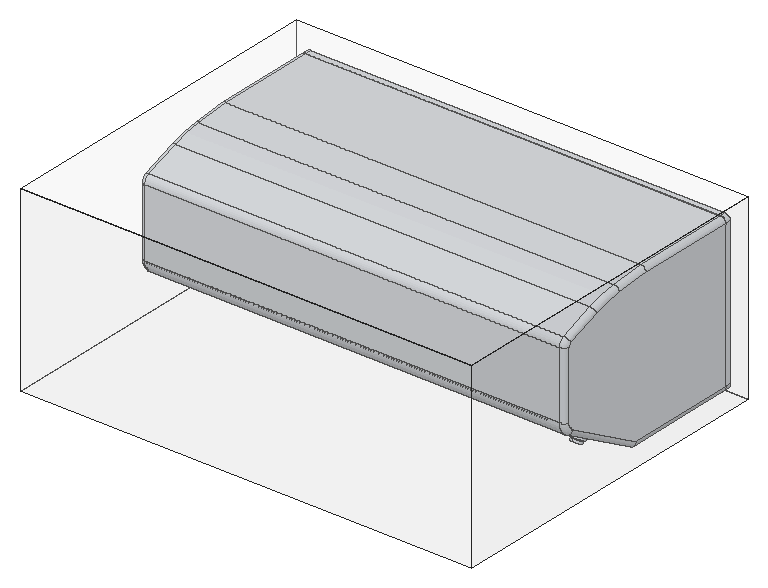
Revit family "msz-hxv2580_24_50hz", category 機械設備, Revit 2019
Family settings
  丸型コネクタ寸法 = 直径を使用
  種別 = なし
  パーツ タイプ = 標準
  OmniClass 番号 = 23.75.10.24.21.27.27
  OmniClass タイトル = Split System Air Conditioning Units
  作業面ベース = いいえ
  常に垂直 = はい
  ロード時にボイドで切り取り = いいえ
  共有 = いいえ
  部屋計算ポイント = はい
Parameters (values of type "壁掛_MSZ-HXV8024S-W-IN")
  運転音(静冷房)  db = 44
  運転音(静暖房)  db = 47
  運転音(強暖房)  db = 72
  運転音(強冷房)  db = 72
  運転音(弱暖房)  db = 52
  運転音(弱冷房)  db = 52
  運転音(中暖房)  db = 57
  運転音(中冷房)  db = 57
  風量 = MAX風量  # 1045 m³/h
  音響パワーレベル(dB) = 72
  音響パワーレベル (弱) (dB) = 44
  電源種別 = ""
  電圧_電気ヒーター = 0 V
  電圧 = 200 V
  電動機出力_送風機 = 46 W
  運転質量 = 0.00 kg
  運転方法 = "冷暖切替"
  連動 = ""
  質量 = if(製品質量 > 運転質量, 製品質量, 運転質量) * 1.2  # 22.80 kg
  負荷分類 = 1_熱源類
  設計暖房能力 [instance] = 0 kW
  設計冷房能力_顕熱 [instance] = 0 kW
  設計冷房能力 [instance] = 0 kW
  設置方法 = "壁掛形"
  記号 [instance] = ""
  製造元 = "三菱電機株式会社"
  製品質量 = 19.00 kg
  製品出荷対象 = "国内"
  製品リリース年月 = ""
  製品グループ = ""
  系統 [instance] = ""
  符号 = "PAC"
  積算_科目 = "1 空気調和設備"
  積算_拾い区分 [instance] = ""
  相_電気ヒーター = 1
  相 = 1
  盤記号 [instance] = ""
  発停方法 = "付属スイッチ"
  特殊仕様 [instance] = ""
  火災停止 = ""
  消費電力_電気ヒーター = 0 W
  消費電力_暖房 = 2680 W
  消費電力_冷房 = 2920 W
  消費電力 = if(消費電力_冷房 > 消費電力_暖房, 消費電力_冷房, 消費電力_暖房)  # 2920 W
  法定耐用年数 = "6"
  極数 = 1
  材質 [instance] = ""
  本体マテリアル = none
  有効加湿量 = 0
  最大電流値 = 0 A
  暖房能力 = 9.5 kW
  暖房 風量 = 1045 m³/h
  推奨ブレーカー容量 = 20 A
  台数_冷媒分岐ユニット [instance] = ""
  冷房 風量 = 960 m³/h
  冷媒管長 [instance] = 0 mm
  価格 = 0
  形式_加湿器 = ""
  形式 = "壁掛 (露出)形"
  幹線記号 = ""
  室内機 = 室内機 : MSZ-ZXV2223-W-IN
  始動方式 = "直入"
  呼称 = "パッケージ形空気調和機_室内機"
  周波数 = 50 Hz
  台数_手元リモコン = ""
  参照している仕様書等のバージョン = "公共建築工事標準仕様書（機械設備工事編）平成31年度版"
  加湿給水管径 = 0 mm
  分類コード = "5.0053E+13"
  分類グループ = ""
  冷房能力 = 8 kW
  冷媒高低圧ガス管径 = 0 mm
  冷媒管径符号 = "Ac"
  冷媒管径 = 100 mm
  冷媒液管径 = 6.35 mm
  冷媒ガス管径 = 12.7 mm
  企業コード = "108420"
  付属品 [instance] = ""
  仕様書バージョン = "Version1.0"
  モデル = "MSZ-HXV80**S-*-IN"
  ドレン管径 = 16 mm
  サービススペース = yes
  コメント [instance] = ""
  Width = 799 mm
  Version = ""
  Uniclass2015Version = "Systems v1.9"
  Uniclass2015Title = "Split coil remote air cooled condensing units"
  Uniclass2015Code = "Pr_70_65_03_84"
  URL = "https://www.mitsubishielectric.co.jp/ldg/wink/"
  S寸法 = 0 mm
  SpecificationReference = ""
  SpecificationDescription = ""
  Revision = ""
  ProductInformation = ""
  OmniClassCode = "23-33 17 13 11"
  MAX風量 = if(冷房 風量 > 暖房 風量, 冷房 風量, 暖房 風量)  # 1045 m³/h
  IfcTypeProduct = ""
  IfcProduct = ""
  IfcExportType = "AIRCONDITIONINGUNIT"
  IfcExportAs = "IfcUnitaryEquipmentType"
  Height = 295 mm
  Depth = 389 mm
  Clearance Top = 39 mm
  Clearance Right = 30 mm
  Clearance Left = 20 mm
  Clearance Front = 256 mm
  Clearance Bottom = 7 mm
  Clearance Back = 0 mm
  COP = 0
  Author = "三菱電機株式会社"
  APF = 0
Types (7, lengths in mm): name | 運転音(静冷房)  db | 運転音(静暖房)  db | 運転音(強暖房)  db | 運転音(強冷房)  db | 運転音(弱暖房)  db | 運転音(弱冷房)  db | 運転音(中暖房)  db | 運転音(中冷房)  db | 風量 | 音響パワーレベル(dB) | 音響パワーレベル (弱) (dB) | 電圧 | 電動機出力_送風機 | 質量 | 製品質量 | 消費電力_暖房 | 消費電力_冷房 | 消費電力 | 暖房能力 | 暖房 風量 | 推奨ブレーカー容量 | 冷房 風量 | 冷房能力 | 冷媒管径符号 | 冷媒ガス管径 | モデル | MAX風量
  壁掛_MSZ-HXV2524-W-IN | 34 | 39 | 62 | 61 | 45 | 46 | 50 | 51 | 780 m³/h | 61 | 34 | 100 V | 28 W | 21.60 kg | 18.00 kg | 590 W | 500 W | 590 W | 3.2 kW | 780 m³/h | 20 A | 665 m³/h | 2.5 kW | "Ab" | 9.52 | "MSZ-HXV25**-*-IN" | 780 m³/h
  壁掛_MSZ-HXV2824S-W-IN | 34 | 39 | 66 | 63 | 46 | 48 | 52 | 53 | 810 m³/h | 63 | 34 | 200 V | 40 W | 21.60 kg | 18.00 kg | 770 W | 580 W | 770 W | 4 kW | 810 m³/h | 15 A | 665 m³/h | 2.8 kW | "Ab" | 9.52 | "MSZ-HXV28**S-*-IN" | 810 m³/h
  壁掛_MSZ-HXV4024S-W-IN | 40 | 44 | 69 | 67 | 50 | 50 | 55 | 55 | 930 m³/h | 67 | 40 | 200 V | 40 W | 22.80 kg | 19.00 kg | 1430 W | 960 W | 1430 W | 6 kW | 930 m³/h | 20 A | 730 m³/h | 4 kW | "Ab" | 9.52 | "MSZ-HXV40**S-*-IN" | 930 m³/h
  壁掛_MSZ-HXV5624S-W-IN | 44 | 46 | 71 | 68 | 51 | 51 | 56 | 56 | 940 m³/h | 68 | 44 | 200 V | 40 W | 22.80 kg | 19.00 kg | 1700 W | 1720 W | 1720 W | 6.7 kW | 940 m³/h | 20 A | 805 m³/h | 5.6 kW | "Ab" | 9.52 | "MSZ-HXV56**S-*-IN" | 940 m³/h
  壁掛_MSZ-HXV6324S-W-IN | 44 | 47 | 71 | 69 | 52 | 52 | 57 | 57 | 960 m³/h | 69 | 44 | 200 V | 40 W | 22.80 kg | 19.00 kg | 1900 W | 2200 W | 2200 W | 7.1 kW | 960 m³/h | 20 A | 860 m³/h | 6.3 kW | "Ac" | 12.7 | "MSZ-HXV63**S-*-IN" | 960 m³/h
  壁掛_MSZ-HXV7124S-W-IN | 44 | 47 | 72 | 70 | 52 | 52 | 57 | 57 | 1045 m³/h | 70 | 44 | 200 V | 40 W | 22.80 kg | 19.00 kg | 2350 W | 2500 W | 2500 W | 8.5 kW | 1045 m³/h | 20 A | 960 m³/h | 7.1 kW | "Ac" | 12.7 | "MSZ-HXV71**S-*-IN" | 1045 m³/h
  壁掛_MSZ-HXV8024S-W-IN | 44 | 47 | 72 | 72 | 52 | 52 | 57 | 57 | 1045 m³/h | 72 | 44 | 200 V | 46 W | 22.80 kg | 19.00 kg | 2680 W | 2920 W | 2920 W | 9.5 kW | 1045 m³/h | 20 A | 960 m³/h | 8 kW | "Ac" | 12.7 | "MSZ-HXV80**S-*-IN" | 1045 m³/h
Reference planes
  plane 1 "中心(正面/背面)": y = 0
  plane 2: z = 0
  plane 3 "中心(左/右)": x = 0
  plane 4: y = -650
  plane 5: x = -399.5
  plane 6: x = 399.5
  plane 7: x = 429.5
  plane 8: z = 0
  plane 9: z = 39
  plane 10: x = -419.5
  plane 11: z = -253
  plane 12: x = -352.5
  plane 13: z = -302
  plane 14: y = -199.5
  plane 15: y = -394
  plane 16: y = -5
  plane 17: x = 352.5
  plane 18: z = -254
  plane 19: z = -295
  plane 20: y = 0
  plane 21: z = -284
  plane 22: z = -273
  plane 23: z = -385
Forms (mm)
  Extrusion 1, solid, detail levels fine
    sketch origin (-695, 194.999, 0) x (1, 0, 0) y (0, 0, 1)
      loop
        circle (342.5, -253) r 10
    from 199.999 to 217.5
  Extrusion 2, solid, detail levels fine
    sketch origin (-695, 210.625, -30) x (1, 0, 0) y (0, 0, 1)
      loop
        circle (342.5, -243) r 5
    from 215.625 to 220.625
Lines and regions (mm)
  Masking region 1, detail levels coarse+medium
    outline origin (0, 0, 0) x (1, 0, 0) y (0, 1, 0)
      loop
        line (399.5, 0) -> (-399.5, 0) -> (-399.5, -394) -> (399.5, -394) -> (399.5, 0)
Dimensions and locks
  equal spacing: plane 5, plane 3 "中心(左/右)", plane 6
  "Clearance Right": plane 6 to plane 7
  "Clearance Top": plane 9 to plane 8
  "Width": plane 5 to plane 6
  "Clearance Left": plane 10 to plane 5
  locked: plane 5 to plane 12 at 47
  equal spacing: plane 15, plane 14, plane 16
  "Depth": plane 15 to plane 16
  "Clearance Front": plane 4 to plane 15
  nested 1 to plane 15 = 389 mm
  locked: plane 6 to plane 17 at 47
  "Clearance Bottom": plane 19 to plane 13
  "Height": plane 8 to plane 19
  locked: plane 19 to plane 11 at 42
  locked: plane 19 to plane 18 at 41
  "Clearance Back": plane 1 "中心(正面/背面)" to plane 20
  locked: plane 21 to plane 18 at 30
  locked: plane 22 to plane 11 at 20
  plane 16 to plane 20 = 5 mm
  plane 4 to plane 20 = 650 mm
  plane 20 to plane 16 = 5 mm
  aligned and locked: plane 2 to level
  aligned and locked: plane 8 to nested 1  (x2)
  aligned and locked: nested 1 to plane 19  (x2)
  aligned and locked: level to plane 8
  aligned and locked: plane 9 to nested 2
  aligned and locked: plane 13 to nested 2
  aligned and locked: Masking region 1 sketch curve to plane 5
  aligned and locked: plane 15 to Masking region 1 sketch curve
  aligned and locked: Masking region 1 sketch curve to plane 20
  aligned and locked: plane 6 to Masking region 1 sketch curve
  aligned and locked: plane 16 to nested 1
  aligned and locked: plane 1 "中心(正面/背面)" to nested 2
  aligned and locked: plane 10 to nested 2
  aligned and locked: plane 7 to nested 2
  aligned and locked: plane 4 to nested 2
  aligned and locked: nested 1 to Extrusion 1
  aligned and locked: nested 1 to Extrusion 2
Automatic sketch dimensions
  Extrusion 1 sketch curve to plane 11 = 0 mm
  plane 12 to Extrusion 1 sketch curve = 0 mm
  plane 12 to Extrusion 2 sketch curve = 0 mm
  Extrusion 2 sketch curve to plane 22 = 0 mm
  radius of Extrusion 1 sketch curve = 10 mm
  radius of Extrusion 2 sketch curve = 5 mm
Nested families
  nested 1: "室内機" at (0, 0, -295), type <- "室内機", type "MSZ-ZXV2223-W-IN", detail levels fine
  nested 2: "サービススペース" at (5, -325, -131.5), visible <- "サービススペース", type "サービススペース"
    with Width 849 mm, Height 341 mm, Depth 650 mm
Connectors
  piping at (-352.5, -5, -253), diameter 100, driven by "冷媒管径", driven by "冷媒管径符号"
    settings: on Extrusion 1, index 7, connector inside diameter 609.6 mm, connector length 0 mm, flow factor 0, pipe flow 0.0 L/s, pressure drop 0.0 Pa, fitting loss kfactor 0, connector angle 0.00°, fixture units 0, engagement length 0 mm, angle of deflection 0.00°, flow configuration 1, flow direction 1, fitting loss method 4, system type 7, joint type 0, gender type 0, connector reference index -1, connector utility 0, adjustable connector no, is connector primary yes, connector description "Ac"
  piping at (-352.5, -5, -273), diameter 16, driven by "ドレン管径"
    settings: on Extrusion 2, index 8, connector inside diameter 609.6 mm, connector length 0 mm, flow factor 0, pipe flow 0.0 L/s, pressure drop 0.0 Pa, fitting loss kfactor 0, connector angle 0.00°, fixture units 0, engagement length 0 mm, angle of deflection 0.00°, flow configuration 1, flow direction 2, fitting loss method 4, system type 16, joint type 0, gender type 0, connector reference index -1, connector utility 0, adjustable connector no, is connector primary no, connector description ""
  electrical at (0, -5, -147.5), driven by "負荷分類", driven by "電圧", driven by "消費電力"
    settings: on nested 1, index 10, voltage 200 V, apparent load 2920 VA, apparent load phase1 0 VA, apparent load phase2 0 VA, apparent load phase3 0 VA, power factor 1, load classification "1_熱源類", number of poles 1, system type 30, power factor state 1, is connector primary yes, connector utility no, sub classification motor no, connector description ""
Definition of nested family "室内機"
  Parameters (values of type "MSZ-ZXV9023S-W-IN")
    Width = 799 mm
    Height = 295 mm
    Depth = 394 mm
  Types (12): name
    MSZ-ZXV9023S-W-IN
    MSZ-ZXV8023S-W-IN
    MSZ-ZXV7123S-W-IN
    MSZ-ZXV6323S-W-IN
    MSZ-ZXV5623S-W-IN
    MSZ-ZXV4023S-W-IN
    MSZ-ZXV3623S-W-IN
    MSZ-ZXV3623-W-IN
    MSZ-ZXV2823S-W-IN
    MSZ-ZXV2823-W-IN
    MSZ-ZXV2523-W-IN
    MSZ-ZXV2223-W-IN
  Reference planes
    plane 1 "中心(正面/背面)": y = 0
    plane 2: z = 0
    plane 3 "中心(左/右)": x = 0
    plane 4: y = -5
    plane 5: x = 399.5
    plane 6: x = -399.5
    plane 7: y = -394
    plane 8: z = 295
    plane 9: x = 379.5
    plane 10: y = -385
    plane 11: y = -394
    plane 12: z = 42
    plane 13: z = 295
    plane 14: z = 273
    plane 15: x = 352
    plane 16: x = -352
    plane 17: x = 399
    plane 18: x = 335
    plane 19: z = 253
    plane 20: x = 225
    plane 21: x = -225
    plane 22: x = 280
    plane 23: x = 155
    plane 24: z = 263
    plane 25: z = 243
  Forms (mm)
    Extrusion 1, solid
      sketch origin (0, 4, 0) x (0, 1, 0) y (0, 0, 1)
        loop
          line (-20, 284.987) -> (-212.516, 284.987) -> (-267.726, 279.494)
          arc (-267.726, 279.494) -> (-294.837, 275.073) -> (-321.185, 267.308) r 219.987
          line (-321.185, 267.308) -> (-384.718, 244.184)
          arc (-384.718, 244.184) -> (-387.098, 242.358) -> (-388, 239.497) r 4.987
          line (-388, 239.497) -> (-388, 112.321)
          arc (-388, 112.321) -> (-385.322, 102.327) -> (-378.006, 95.011) r 19.987
          line (-378.006, 95.011) -> (-230.785, 10.013) -> (-20, 10.013) -> (-20, 284.987)
      from -399.5 to 399.5
    Sweep 2, solid
      path origin (390, 4, 0) x (0, 1, 0) y (0, 0, 1)
        loop
          line (-20, 295) -> (-208.013, 295) -> (-270.599, 288.772)
          arc (-270.599, 288.772) -> (-298.943, 284.15) -> (-326.49, 276.032) r 230
          line (-326.49, 276.032) -> (-388.143, 253.592)
          arc (-388.143, 253.592) -> (-395.3, 248.101) -> (-398.013, 239.497) r 15
          line (-398.013, 239.497) -> (-398.013, 112.321)
          arc (-398.013, 112.321) -> (-393.993, 97.321) -> (-383.013, 86.34) r 30
          line (-383.013, 86.34) -> (-233.468, 0) -> (-20, 0)
      profile origin (390, -110.006, 295) x (0, 0, -1) y (1, 0, 0)
        loop
          arc (10.013, 9.5) -> (3.113, 6.75) -> (0.013, 0) r 10
          line (0.013, 0) -> (0.013, -780)
          arc (0.013, -780) -> (3.113, -786.75) -> (10.013, -789.5) r 10
          line (10.013, -789.5) -> (10.013, 9.5)
    Extrusion 3, solid
      sketch origin (0, 0, 0) x (1, 0, 0) y (0, 0, 1)
        loop
          line (-399.5, 285) -> (-399.5, 10)
          arc (-399.5, 10) -> (-396.746, 3.108) -> (-390, 0.013) r 10
          line (-390, 0.013) -> (390, 0.013)
          arc (390, 0.013) -> (396.746, 3.108) -> (399.5, 10) r 10
          line (399.5, 10) -> (399.5, 285)
          arc (399.5, 285) -> (396.746, 291.892) -> (390, 294.987) r 10
          line (390, 294.987) -> (-390, 294.987)
          arc (-390, 294.987) -> (-396.746, 291.892) -> (-399.5, 285) r 10
      from 16 to 5
    Revolve 4, solid
      sketch origin (367, -58.632, -153.367) x (0, 0.866025, -0.5) y (0, 0.5, 0.866025)
        loop
          line (-330.479, 56.396) -> (-330.479, 42.304) -> (-323.593, 42.304) -> (-323.593, 35.722) -> (-320.593, 35.722) -> (-320.593, 40.304)
          arc (-320.593, 40.304) -> (-320.007, 41.718) -> (-318.593, 42.304) r 2
          line (-318.593, 42.304) -> (-317.593, 42.304) -> (-317.593, 56.396) -> (-330.479, 56.396)
        axis (-330.479, 35.722) -> (-330.479, 56.396)
      angle from 0 to 360
    Extrusion 5, void
      sketch origin (0, -129.013, 230.692) x (1, 0, 0) y (0, -0.866025, 0.5)
        loop
          line (-383, 2) -> (-8.5, 2) -> (-8.5, 52) -> (-383, 52) -> (-383, 2)
        loop
          line (-385, 54) -> (-385, 0) -> (385, 0) -> (385, 54) -> (-385, 54)
        loop
          line (383, 2) -> (383, 52) -> (-6.5, 52) -> (-6.5, 2) -> (383, 2)
      from 250 to 244.836
    Extrusion 6, solid
      sketch origin (0, 0, 0) x (1, 0, 0) y (0, 0, 1)
        loop
          line (-285, 0) -> (285, 0) -> (285, 70)
          arc (285, 70) -> (292.322, 87.678) -> (310, 95) r 25
          arc (310, 95) -> (327.678, 102.322) -> (335, 120) r 25
          line (335, 120) -> (335, 273) -> (295, 273) -> (295, 278)
          arc (295, 278) -> (293.536, 281.536) -> (290, 283) r 5
          line (290, 283) -> (270, 283)
          arc (270, 283) -> (266.464, 281.536) -> (265, 278) r 5
          line (265, 278) -> (265, 273) -> (119.535, 273) -> (70.033, 253) -> (24.949, 253) -> (10, 290) -> (0, 290) -> (-10, 290) -> (-24.949, 253) -> (-105.033, 253) -> (-154.535, 273) -> (-265, 273) -> (-265, 278)
          arc (-265, 278) -> (-266.464, 281.536) -> (-270, 283) r 5
          line (-270, 283) -> (-290, 283)
          arc (-290, 283) -> (-293.536, 281.536) -> (-295, 278) r 5
          line (-295, 278) -> (-295, 273) -> (-335, 273) -> (-335, 120)
          arc (-335, 120) -> (-327.678, 102.322) -> (-310, 95) r 25
          arc (-310, 95) -> (-292.322, 87.678) -> (-285, 70) r 25
          line (-285, 70) -> (-285, 0)
        loop
          line (230.5, 248.5) -> (230.5, 257.5)
          arc (230.5, 257.5) -> (225, 263) -> (219.5, 257.5) r 5.5
          line (219.5, 257.5) -> (219.5, 248.5)
          arc (219.5, 248.5) -> (225, 243) -> (230.5, 248.5) r 5.5
        loop
          arc (-220.5, 247.5) -> (-215, 253) -> (-220.5, 258.5) r 5.5
          line (-220.5, 258.5) -> (-229.5, 258.5)
          arc (-229.5, 258.5) -> (-235, 253) -> (-229.5, 247.5) r 5.5
          line (-229.5, 247.5) -> (-220.5, 247.5)
        loop
          line (-105, 10) -> (105, 10)
          arc (105, 10) -> (155, 60) -> (105, 110) r 50
          line (105, 110) -> (-105, 110)
          arc (-105, 110) -> (-155, 60) -> (-105, 10) r 50
        loop
          line (305, 243) -> (255, 243) -> (255, 188) -> (261.875, 188)
          arc (261.875, 188) -> (265.887, 200.215) -> (267.245, 213) r 60.879
          line (267.245, 213) -> (292.755, 213)
          arc (292.755, 213) -> (294.113, 200.215) -> (298.125, 188) r 60.879
          line (298.125, 188) -> (305, 188) -> (305, 243)
        loop
          line (-305, 243) -> (-305, 188) -> (-298.125, 188)
          arc (-298.125, 188) -> (-294.113, 200.215) -> (-292.755, 213) r 60.879
          line (-292.755, 213) -> (-267.245, 213)
          arc (-267.245, 213) -> (-265.887, 200.215) -> (-261.875, 188) r 60.879
          line (-261.875, 188) -> (-255, 188) -> (-255, 243) -> (-305, 243)
      from 0 to 5
  Cuts and joins
    Extrusion 5 cuts Extrusion 1
    Extrusion 5 cuts Sweep 2
    joined: Sweep 2, Revolve 4
    Extrusion 5 cuts Extrusion 3
  Lines and regions (mm)
    model lines
      curve 1: line (-349.5, -121, 294.987) -> (-349.5, -181, 294.987)
      curve 2: line (-349.5, -189.013, 294.987) -> (349.5, -189.013, 294.987)
      curve 3: line (-349.5, -131, 294.987) -> (349.5, -131, 294.987)
      curve 4: line (349.5, -121, 294.987) -> (349.5, -181, 294.987)
      curve 5: line (-249.643, -121, 294.987) -> (-249.643, -181, 294.987)
      curve 6: line (-149.786, -121, 294.987) -> (-149.786, -181, 294.987)
      curve 7: line (-49.929, -121, 294.987) -> (-49.929, -181, 294.987)
      curve 8: line (49.929, -121, 294.987) -> (49.929, -181, 294.987)
      curve 9: line (149.786, -121, 294.987) -> (149.786, -181, 294.987)
      curve 10: line (249.643, -121, 294.987) -> (249.643, -181, 294.987)
      curve 11: line (-349.5, -151, 294.987) -> (349.5, -151, 294.987)
      curve 12: line (-349.5, -179.013, 294.987) -> (349.5, -179.013, 294.987)
      curve 13: line (-349.5, -161, 294.987) -> (349.5, -161, 294.987)
      curve 14: line (-349.5, -141, 294.987) -> (349.5, -141, 294.987)
      curve 15: line (-349.5, -121, 294.987) -> (349.5, -121, 294.987)
      curve 16: line (-349.5, -46, 294.987) -> (-349.5, -106, 294.987)
      curve 17: line (-349.5, -106, 294.987) -> (349.5, -106, 294.987)
      curve 18: line (-349.5, -56, 294.987) -> (349.5, -56, 294.987)
      curve 19: line (349.5, -46, 294.987) -> (349.5, -106, 294.987)
      curve 20: line (-249.643, -46, 294.987) -> (-249.643, -106, 294.987)
      curve 21: line (-149.786, -46, 294.987) -> (-149.786, -106, 294.987)
      curve 22: line (-49.929, -46, 294.987) -> (-49.929, -106, 294.987)
      curve 23: line (49.929, -46, 294.987) -> (49.929, -106, 294.987)
      curve 24: line (149.786, -46, 294.987) -> (149.786, -106, 294.987)
      curve 25: line (249.643, -46, 294.987) -> (249.643, -106, 294.987)
      curve 26: line (-349.5, -76, 294.987) -> (349.5, -76, 294.987)
      curve 27: line (-349.5, -96, 294.987) -> (349.5, -96, 294.987)
      curve 28: line (-349.5, -86, 294.987) -> (349.5, -86, 294.987)
      curve 29: line (-349.5, -66, 294.987) -> (349.5, -66, 294.987)
      curve 30: line (-349.5, -46, 294.987) -> (349.5, -46, 294.987)
  Dimensions and locks
    equal spacing: plane 6, plane 3 "中心(左/右)", plane 5
    "Width": plane 6 to plane 5
    "Depth": plane 7 to plane 1 "中心(正面/背面)"
    "Height": plane 8 to level
    plane 6 to curve 1 = 50 mm
    locked: plane 4 to plane 1 "中心(正面/背面)" at 5
    cut or joined group of Extrusion 3, Extrusion 5 to plane 7 = 389 mm
    cut or joined group of Extrusion 3, Extrusion 5 to plane 11 = 389 mm
    plane 7 to cut or joined group of Extrusion 3, Extrusion 5 = 389 mm
    plane 13 to plane 12 = 253 mm
    plane 13 to plane 14 = 22 mm
    plane 18 to plane 17 = 64 mm
    plane 17 to plane 15 = 47 mm
    plane 19 to plane 12 = 211 mm
    plane 14 to plane 12 = 231 mm
    plane 19 to Extrusion 6 sketch curve = 65 mm
    plane 24 to plane 25 = 20 mm
    aligned and locked: level to plane 2
    aligned and locked: Extrusion 3 to Extrusion 1
    aligned and locked: cut or joined group of Extrusion 3, Extrusion 5 to plane 4
    aligned and locked: plane 4 to cut or joined group of Extrusion 3, Extrusion 5
    aligned and locked: plane 7 to cut or joined group of Sweep 2, Revolve 4, Extrusion 5
    aligned and locked: Extrusion 6 to plane 1 "中心(正面/背面)"
    aligned and locked: plane 4 to Extrusion 6
  Automatic sketch dimensions
    Extrusion 3 sketch curve to plane 6 = 0 mm
    Extrusion 3 sketch curve to plane 5 = 0 mm
    Extrusion 3 sketch curve to plane 8 = 0.013 mm
    plane 6 to Extrusion 3 sketch curve = 9.5 mm  (x2)
    level to Extrusion 3 sketch curve = 0.013 mm
    level to Extrusion 3 sketch curve = 10 mm
    Extrusion 3 sketch curve to Extrusion 3 sketch curve = 0.5 mm
    Extrusion 3 sketch curve to plane 5 = 10 mm  (x2)
    Extrusion 3 sketch curve to plane 5 = 9.5 mm  (x2)
    level to Revolve 4 sketch curve = 60.713 mm
    Revolve 4 sketch curve to plane 7 = 77.363 mm
    Revolve 4 sketch curve to Revolve 4 sketch curve = 6.886 mm
    Revolve 4 sketch curve to Revolve 4 sketch curve = 3 mm
    Revolve 4 sketch curve to Revolve 4 sketch curve = 2 mm
    Revolve 4 sketch curve to Revolve 4 sketch curve = 12.886 mm
    Revolve 4 sketch curve to Revolve 4 sketch curve = 14.091 mm
    Revolve 4 sketch curve to Revolve 4 sketch curve = 0 mm  (x2)
    Revolve 4 sketch curve to Revolve 4 sketch curve = 4.583 mm
    Revolve 4 sketch curve to Revolve 4 sketch curve = 6.134 mm
    Revolve 4 sketch curve to Revolve 4 sketch curve = 3.815 mm
    plane 6 to Extrusion 5 sketch curve = 14.5 mm
    Extrusion 5 sketch curve to Extrusion 5 sketch curve = 2 mm  (x5)
    Extrusion 5 sketch curve to plane 3 "中心(左/右)" = 8.5 mm
    plane 9 to Extrusion 5 sketch curve = 3.5 mm
    Extrusion 5 sketch curve to Extrusion 5 sketch curve = 0 mm
    Extrusion 5 sketch curve to Extrusion 5 sketch curve = 50 mm  (x2)
    curve 1 to curve 1 = 60 mm  (x2)
    Extrusion 1 sketch curve to plane 7 = 10 mm
    Extrusion 1 sketch curve to Extrusion 1 sketch curve = 3.282 mm
    Extrusion 1 sketch curve to Extrusion 1 sketch curve = 1.706 mm
    Extrusion 1 sketch curve to Extrusion 1 sketch curve = 9.994 mm  (x2)
    Extrusion 1 sketch curve to plane 8 = 27.692 mm
    Extrusion 1 sketch curve to Extrusion 1 sketch curve = 63.534 mm
    Extrusion 1 sketch curve to plane 8 = 15.506 mm
    Extrusion 1 sketch curve to Extrusion 1 sketch curve = 53.458 mm
    level to Extrusion 1 sketch curve = 60.587 mm
    level to Extrusion 1 sketch curve = 10.013 mm
    Extrusion 1 sketch curve to Extrusion 1 sketch curve = 15.16 mm
    Extrusion 1 sketch curve to plane 8 = 10.013 mm
    Extrusion 1 sketch curve to Extrusion 1 sketch curve = 55.211 mm
    plane 4 to Extrusion 1 sketch curve = 11 mm
    level to Extrusion 1 sketch curve = 95.011 mm
    Extrusion 1 sketch curve to plane 8 = 55.503 mm
    plane 7 to Sweep 2 sketch curve = 0.013 mm
    Sweep 2 sketch curve to level = 0 mm
    Sweep 2 sketch curve to plane 8 = 0 mm
    Sweep 2 sketch curve to plane 7 = 9.857 mm
    Sweep 2 sketch curve to plane 7 = 14.987 mm  (x2)
    Sweep 2 sketch curve to plane 7 = 29.987 mm
    Sweep 2 sketch curve to plane 8 = 18.968 mm
    Sweep 2 sketch curve to Sweep 2 sketch curve = 61.652 mm
    Sweep 2 sketch curve to plane 8 = 6.228 mm
    Sweep 2 sketch curve to Sweep 2 sketch curve = 55.891 mm
    level to Sweep 2 sketch curve = 59.903 mm
    Sweep 2 sketch curve to Sweep 2 sketch curve = 14.358 mm
    Sweep 2 sketch curve to Sweep 2 sketch curve = 62.587 mm
    level to Sweep 2 sketch curve = 86.34 mm
    Sweep 2 sketch curve to plane 8 = 55.503 mm
    plane 4 to Sweep 2 sketch curve = 11 mm  (x2)
    Sweep 2 sketch curve to profile plane = 0 mm
    Sweep 2 sketch curve to profile plane = 0.013 mm
    Sweep 2 sketch curve to profile plane = 10 mm  (x2)
    Sweep 2 sketch curve to profile plane = 0.5 mm
    profile plane to Sweep 2 sketch curve = 9.5 mm
    Sweep 2 sketch curve to Sweep 2 sketch curve = 779 mm
    Sweep 2 sketch curve to Sweep 2 sketch curve = 0.5 mm
    Sweep 2 to curve 30 = 30 mm
    curve 2 to Sweep 2 = 14.999 mm
    Sweep 2 to curve 2 = 40.5 mm
    curve 30 to curve 18 = 10 mm
    curve 18 to curve 29 = 10 mm
    curve 29 to curve 26 = 10 mm
    curve 26 to curve 28 = 10 mm
    curve 28 to curve 27 = 10 mm
    curve 27 to curve 15 = 25 mm
    curve 17 to curve 15 = 15 mm
    curve 17 to curve 3 = 25 mm
    curve 3 to curve 14 = 10 mm
    curve 14 to curve 11 = 10 mm
    curve 11 to curve 13 = 10 mm
    curve 12 to curve 2 = 10 mm
    Sweep 2 to curve 30 = 40.5 mm
    Sweep 2 to curve 3 = 40.5 mm
    curve 29 to curve 30 = 0 mm
    curve 11 to curve 3 = 0 mm
    curve 28 to curve 29 = 0 mm
    curve 12 to curve 2 = 0 mm
    curve 27 to curve 28 = 0 mm
    curve 13 to curve 11 = 0 mm
    curve 26 to curve 28 = 0 mm
    curve 14 to curve 3 = 0 mm
    curve 18 to curve 29 = 0 mm
    curve 15 to curve 27 = 0 mm
    curve 17 to curve 15 = 0 mm  (x2)
    Sweep 2 to curve 15 = 40.5 mm
    curve 14 to curve 17 = 0 mm
    Sweep 2 to curve 18 = 40.5 mm
    curve 13 to curve 14 = 0 mm
    curve 26 to curve 18 = 0 mm
    curve 12 to curve 13 = 0 mm
    curve 27 to curve 15 = 0 mm
    curve 11 to curve 13 = 0 mm
    curve 28 to curve 26 = 0 mm
    curve 3 to curve 17 = 0 mm
    curve 29 to curve 18 = 0 mm
    curve 2 to curve 12 = 0 mm
    curve 30 to curve 18 = 0 mm
    curve 19 to plane 9 = 30 mm
    plane 4 to curve 16 = 41 mm
    curve 4 to curve 19 = 0 mm
    curve 19 to curve 25 = 99.857 mm
    curve 10 to curve 25 = 0 mm
    plane 4 to curve 24 = 41 mm
    curve 25 to curve 24 = 99.857 mm
    curve 9 to curve 24 = 0 mm
    plane 3 "中心(左/右)" to curve 8 = 49.929 mm
    plane 3 "中心(左/右)" to curve 23 = 49.929 mm
    curve 7 to plane 3 "中心(左/右)" = 49.929 mm
    curve 22 to plane 3 "中心(左/右)" = 49.929 mm
    curve 7 to curve 6 = 99.857 mm
    curve 21 to curve 6 = 0 mm
    plane 4 to curve 20 = 41 mm
    curve 21 to curve 20 = 99.857 mm
    curve 5 to curve 20 = 0 mm
    plane 6 to curve 16 = 50 mm
    plane 6 to curve 1 = 50 mm
    plane 4 to curve 25 = 41 mm
    plane 4 to curve 21 = 41 mm
    plane 4 to curve 23 = 41 mm
    plane 4 to curve 22 = 41 mm
    plane 4 to curve 19 = 41 mm
    curve 23 to curve 23 = 60 mm
    curve 20 to curve 20 = 60 mm
    curve 24 to curve 24 = 60 mm
    curve 19 to curve 19 = 60 mm
    curve 21 to curve 21 = 60 mm
    curve 22 to curve 22 = 60 mm
    curve 16 to curve 16 = 60 mm
    curve 25 to curve 25 = 60 mm
    curve 16 to curve 1 = 15 mm
    curve 25 to curve 10 = 15 mm
    curve 20 to curve 5 = 15 mm
    curve 24 to curve 9 = 15 mm
    curve 21 to curve 6 = 15 mm
    curve 23 to curve 8 = 15 mm
    curve 22 to curve 7 = 15 mm
    curve 19 to curve 4 = 15 mm
    curve 8 to curve 8 = 60 mm
    curve 5 to curve 5 = 60 mm
    curve 9 to curve 9 = 60 mm
    curve 4 to curve 4 = 60 mm
    curve 6 to curve 6 = 60 mm
    curve 7 to curve 7 = 60 mm
    curve 10 to curve 10 = 60 mm
    Extrusion 6 sketch curve to plane 14 = 0 mm  (x4)
    Extrusion 6 sketch curve to plane 25 = 0 mm  (x2)
    Extrusion 6 sketch curve to level = 0 mm
    Extrusion 6 sketch curve to plane 19 = 0 mm  (x3)
    Extrusion 6 sketch curve to plane 3 "中心(左/右)" = 0 mm
    Extrusion 6 sketch curve to plane 20 = 0 mm
    plane 18 to Extrusion 6 sketch curve = 0 mm
    Extrusion 6 sketch curve to plane 16 = 1.635 mm
    plane 16 to Extrusion 6 sketch curve = 17 mm
    Extrusion 6 sketch curve to Extrusion 6 sketch curve = 25 mm  (x3)
    Extrusion 6 sketch curve to Extrusion 6 sketch curve = 30 mm
    Extrusion 6 sketch curve to Extrusion 6 sketch curve = 6.875 mm  (x3)
    plane 14 to Extrusion 6 sketch curve = 5 mm  (x3)
    Extrusion 6 sketch curve to Extrusion 6 sketch curve = 10 mm
    Extrusion 6 sketch curve to Extrusion 6 sketch curve = 5.37 mm  (x3)
    Extrusion 6 sketch curve to Extrusion 6 sketch curve = 5 mm  (x3)
    plane 21 to Extrusion 6 sketch curve = 60 mm
    Extrusion 6 sketch curve to Extrusion 6 sketch curve = 20 mm
    Extrusion 6 sketch curve to Extrusion 6 sketch curve = 25.51 mm
    plane 21 to Extrusion 6 sketch curve = 30 mm
    plane 21 to Extrusion 6 sketch curve = 4.5 mm
    Extrusion 6 sketch curve to plane 21 = 4.5 mm
    Extrusion 6 sketch curve to plane 21 = 18.635 mm
    Extrusion 6 sketch curve to Extrusion 6 sketch curve = 65.965 mm
    Extrusion 6 sketch curve to Extrusion 6 sketch curve = 49.502 mm
    plane 12 to Extrusion 6 sketch curve = 18 mm
    Extrusion 6 sketch curve to plane 3 "中心(左/右)" = 105 mm
    Extrusion 6 sketch curve to plane 3 "中心(左/右)" = 24.949 mm
    Extrusion 6 sketch curve to plane 3 "中心(左/右)" = 10 mm
    plane 3 "中心(左/右)" to Extrusion 6 sketch curve = 10 mm
    plane 3 "中心(左/右)" to Extrusion 6 sketch curve = 24.949 mm
    Extrusion 6 sketch curve to Extrusion 6 sketch curve = 45.084 mm
    Extrusion 6 sketch curve to plane 23 = 50 mm
    Extrusion 6 sketch curve to plane 23 = 35.465 mm
    Extrusion 6 sketch curve to plane 20 = 18.635 mm
    plane 22 to Extrusion 6 sketch curve = 25 mm
    plane 22 to Extrusion 6 sketch curve = 15 mm
    plane 22 to Extrusion 6 sketch curve = 12.755 mm
    Extrusion 6 sketch curve to plane 22 = 5 mm
    Extrusion 6 sketch curve to plane 22 = 10 mm
    Extrusion 6 sketch curve to plane 22 = 12.755 mm
    plane 18 to Extrusion 6 sketch curve = 25 mm
    plane 15 to Extrusion 6 sketch curve = 1.635 mm
    level to Extrusion 6 sketch curve = 10 mm
    plane 12 to Extrusion 6 sketch curve = 28 mm  (x2)
    Extrusion 6 sketch curve to plane 25 = 55 mm
    plane 25 to Extrusion 6 sketch curve = 4.5 mm
    Extrusion 6 sketch curve to plane 19 = 4.5 mm
    plane 19 to Extrusion 6 sketch curve = 4.5 mm
    Extrusion 6 sketch curve to plane 8 = 5 mm
    Extrusion 6 sketch curve to plane 20 = 5.5 mm
Definition of nested family "サービススペース"
  Parameters (values of type "サービススペース")
    Width [instance] = 500 mm
    Height [instance] = 500 mm
    Depth [instance] = 500 mm
  Reference planes
    plane 1 "中心(正面/背面)": y = 0
    plane 2: z = 0
    plane 3 "中心(左/右)": x = 0
    plane 4: y = -250
    plane 5: x = 250
    plane 6: y = 250
    plane 7: x = -250
    plane 8: z = 250
    plane 9: z = -250
  Forms (mm)
    Extrusion 1, solid
      sketch origin (-638.939, 0, 72.39) x (1, 0, 0) y (0, 1, 0)
        loop
          line (388.939, 250) -> (388.939, -250) -> (888.939, -250) -> (888.939, 250) -> (388.939, 250)
      from -322.39 to 177.61
  Lines and regions (mm)
    symbolic lines
      curve 1: line (-250, 0, 250) -> (250, 0, 250)
      curve 2: line (-250, 0, -250) -> (-250, 0, 250)
      curve 3: line (250, 0, -250) -> (-250, 0, -250)
      curve 4: line (250, 0, 250) -> (250, 0, -250)
      curve 5: line (0, -250, 250) -> (0, 250, 250)
      curve 6: line (0, -250, -250) -> (0, -250, 250)
      curve 7: line (0, 250, -250) -> (0, -250, -250)
      curve 8: line (0, 250, 250) -> (0, 250, -250)
      curve 9: line (-250, 250, 0) -> (250, 250, 0)
      curve 10: line (-250, -250, 0) -> (-250, 250, 0)
      curve 11: line (250, -250, 0) -> (-250, -250, 0)
      curve 12: line (250, 250, 0) -> (250, -250, 0)
  Dimensions and locks
    equal spacing: plane 7, plane 3 "中心(左/右)", plane 5
    equal spacing: plane 4, plane 1 "中心(正面/背面)", plane 6
    "Depth": plane 4 to plane 6
    "Width": plane 7 to plane 5
    equal spacing: plane 8, plane 2, plane 9
    "Height": plane 8 to plane 9
    aligned and locked: plane 9 to curve 3
    aligned and locked: plane 7 to curve 2
    aligned and locked: curve 4 to plane 5
    aligned and locked: plane 5 to Extrusion 1
    aligned and locked: Extrusion 1 to plane 7
    aligned and locked: Extrusion 1 to plane 9
    aligned and locked: plane 8 to Extrusion 1
    aligned and locked: plane 9 to curve 7
  Automatic sketch dimensions
    plane 4 to Extrusion 1 sketch curve = 0 mm
    Extrusion 1 sketch curve to plane 7 = 0 mm
    Extrusion 1 sketch curve to plane 5 = 0 mm
    plane 6 to Extrusion 1 sketch curve = 0 mm
    curve 2 to plane 8 = 0 mm
    plane 4 to curve 11 = 0 mm
    curve 11 to plane 7 = 0 mm
    curve 11 to plane 5 = 0 mm
    plane 6 to curve 10 = 0 mm
    curve 7 to plane 4 = 0 mm
    curve 7 to plane 6 = 0 mm
    curve 6 to plane 8 = 0 mm
